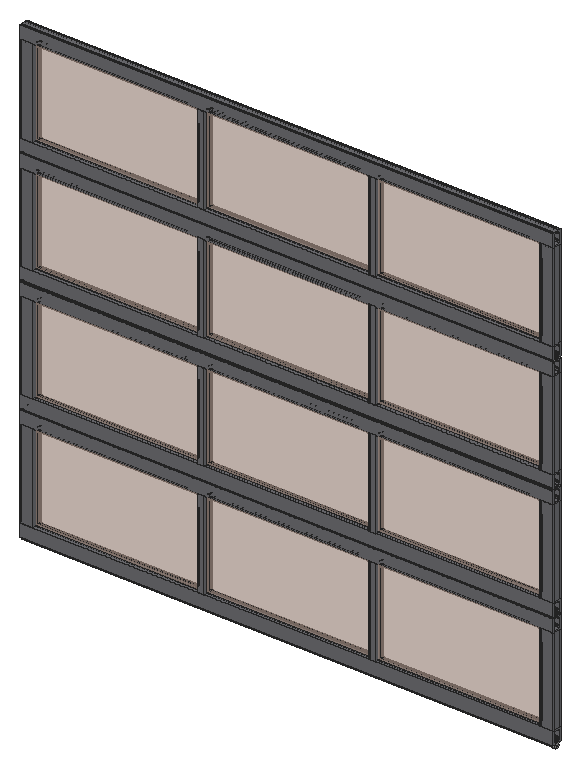
Revit family "GAS 12PUE CG", category Doors, host Wall, Revit 2024
Family settings
  Host = Wall
  OmniClass Number = 23.30.10.00
  OmniClass Title = Doors
  Always vertical = Yes
  Cut with Voids When Loaded = No
  Shared = No
  Room Calculation Point = No
Parameters
  Wall Opening [instance] = 2440 mm
  Function = Interior
  Frame Projection Ext. = 25 mm
  Frame Projection Int. = 25 mm
  Frame Width = 75 mm
  Height = 2135 mm
  Wall Closure = By host
  Width = 2440 mm
Reference planes
  plane 1: y = 0
  plane 2 "Center (Left/Right)": x = 0
  plane 3 "Left": x = -1220
  plane 4 "Right": x = 1220
  plane 5: z = 2135
  plane 6 "Exterior": y = 75
  plane 7 "Interior": y = -75
  plane 8 "Garage Bottom": y = 75
  plane 9 "Garage Left": x = 1250
  plane 10 "Garage Right": x = -1250
  plane 11 "Garage Top": z = 2170
  plane 12: y = -115
Forms (mm)
  Extrusion 1, solid, material "ALUMINIUM CHAR (TEST)"
    sketch origin (0, -40.1, 2189.909) x (0, -1, 0) y (0, 0, -1)
      loop
        line (75, 2170) -> (75, 2110) -> (85, 2110) -> (85, 2110.993) -> (83.5, 2111.395) -> (83.5, 2112.6) -> (101.75, 2112.6) -> (101.75, 2111.307) -> (99, 2111.066) -> (99, 2110) -> (119, 2110) -> (119, 2170) -> (115.1, 2170) -> (115.1, 2168.2) -> (117.2, 2168.2) -> (117.2, 2166.2) -> (109.1, 2166.2) -> (109.1, 2168.2) -> (111.1, 2168.2) -> (111.1, 2170) -> (82.9, 2170) -> (82.9, 2168.2) -> (84.9, 2168.2) -> (84.9, 2166.2) -> (76.8, 2166.2) -> (76.8, 2168.2) -> (78.9, 2168.2) -> (78.9, 2170) -> (75, 2170)
      loop
        line (117.25, 2157.453) -> (117.25, 2164.6) -> (107.3, 2164.6) -> (107.3, 2168.2) -> (86.7, 2168.2) -> (86.7, 2164.6) -> (76.75, 2164.6) -> (76.75, 2157.453) -> (77.3, 2156.5) -> (77.3, 2153.5) -> (76.75, 2152.547) -> (76.75, 2127.253) -> (77.3, 2126.3) -> (77.3, 2123.3) -> (76.75, 2122.347) -> (76.75, 2111.8) -> (81.7, 2111.8) -> (81.7, 2114.4) -> (103.55, 2114.4) -> (103.55, 2111.8) -> (117.25, 2111.8) -> (117.25, 2122.347) -> (116.7, 2123.3) -> (116.7, 2126.3) -> (117.25, 2127.253) -> (117.25, 2152.547) -> (116.7, 2153.5) -> (116.7, 2156.5) -> (117.25, 2157.453)
      loop
        line (75, 19.909) -> (78.9, 19.909) -> (78.9, 21.709) -> (76.8, 21.709) -> (76.8, 23.709) -> (84.9, 23.709) -> (84.9, 21.709) -> (82.9, 21.709) -> (82.9, 19.909) -> (111.1, 19.909) -> (111.1, 21.709) -> (109.1, 21.709) -> (109.1, 23.709) -> (117.2, 23.709) -> (117.2, 21.709) -> (115.1, 21.709) -> (115.1, 19.909) -> (119, 19.909) -> (119, 79.909) -> (99, 79.909) -> (99, 78.843) -> (101.75, 78.602) -> (101.75, 77.309) -> (83.5, 77.309) -> (83.5, 78.514) -> (85, 78.916) -> (85, 79.909) -> (75, 79.909) -> (75, 19.909)
      loop
        line (117.25, 32.456) -> (116.7, 33.409) -> (116.7, 36.409) -> (117.25, 37.361) -> (117.25, 62.656) -> (116.7, 63.609) -> (116.7, 66.609) -> (117.25, 67.561) -> (117.25, 78.109) -> (103.55, 78.109) -> (103.55, 75.509) -> (81.7, 75.509) -> (81.7, 78.109) -> (76.75, 78.109) -> (76.75, 67.561) -> (77.3, 66.609) -> (77.3, 63.609) -> (76.75, 62.656) -> (76.75, 37.361) -> (77.3, 36.409) -> (77.3, 33.409) -> (76.75, 32.456) -> (76.75, 25.309) -> (86.7, 25.309) -> (86.7, 21.709) -> (107.3, 21.709) -> (107.3, 25.309) -> (117.25, 25.309) -> (117.25, 32.456)
    from -1250 to 1250
  Extrusion 2, solid, material "ALUMINIUM CHAR (TEST)"
    sketch origin (0, -40.1, 3811.454) x (0, -1, 0) y (0, 0, -1)
      loop
        line (75, 3258.454) -> (78.9, 3258.454) -> (78.9, 3260.254) -> (76.8, 3260.254) -> (76.8, 3262.254) -> (84.9, 3262.254) -> (84.9, 3260.254) -> (82.9, 3260.254) -> (82.9, 3258.454) -> (111.1, 3258.454) -> (111.1, 3260.254) -> (109.1, 3260.254) -> (109.1, 3262.254) -> (117.2, 3262.254) -> (117.2, 3260.254) -> (115.1, 3260.254) -> (115.1, 3258.454) -> (119, 3258.454) -> (119, 3318.454) -> (99, 3318.454) -> (99, 3317.388) -> (101.75, 3317.148) -> (101.75, 3315.854) -> (83.5, 3315.854) -> (83.5, 3317.06) -> (85, 3317.461) -> (85, 3318.454) -> (75, 3318.454) -> (75, 3258.454)
      loop
        line (117.25, 3271.002) -> (116.7, 3271.954) -> (116.7, 3274.954) -> (117.25, 3275.907) -> (117.25, 3301.202) -> (116.7, 3302.154) -> (116.7, 3305.154) -> (117.25, 3306.107) -> (117.25, 3316.654) -> (103.55, 3316.654) -> (103.55, 3314.054) -> (81.7, 3314.054) -> (81.7, 3316.654) -> (76.75, 3316.654) -> (76.75, 3306.107) -> (77.3, 3305.154) -> (77.3, 3302.154) -> (76.75, 3301.202) -> (76.75, 3275.907) -> (77.3, 3274.954) -> (77.3, 3271.954) -> (76.75, 3271.002) -> (76.75, 3263.854) -> (86.7, 3263.854) -> (86.7, 3260.254) -> (107.3, 3260.254) -> (107.3, 3263.854) -> (117.25, 3263.854) -> (117.25, 3271.002)
      loop
        line (75, 3252.454) -> (75, 3192.454) -> (85, 3192.454) -> (85, 3193.447) -> (83.5, 3193.849) -> (83.5, 3195.054) -> (101.75, 3195.054) -> (101.75, 3193.761) -> (99, 3193.52) -> (99, 3192.454) -> (119, 3192.454) -> (119, 3252.454) -> (115.1, 3252.454) -> (115.1, 3250.654) -> (117.2, 3250.654) -> (117.2, 3248.654) -> (109.1, 3248.654) -> (109.1, 3250.654) -> (111.1, 3250.654) -> (111.1, 3252.454) -> (82.9, 3252.454) -> (82.9, 3250.654) -> (84.9, 3250.654) -> (84.9, 3248.654) -> (76.8, 3248.654) -> (76.8, 3250.654) -> (78.9, 3250.654) -> (78.9, 3252.454) -> (75, 3252.454)
      loop
        line (117.25, 3239.907) -> (117.25, 3247.054) -> (107.3, 3247.054) -> (107.3, 3250.654) -> (86.7, 3250.654) -> (86.7, 3247.054) -> (76.75, 3247.054) -> (76.75, 3239.907) -> (77.3, 3238.954) -> (77.3, 3235.954) -> (76.75, 3235.002) -> (76.75, 3209.707) -> (77.3, 3208.754) -> (77.3, 3205.754) -> (76.75, 3204.802) -> (76.75, 3194.254) -> (81.7, 3194.254) -> (81.7, 3196.854) -> (103.55, 3196.854) -> (103.55, 3194.254) -> (117.25, 3194.254) -> (117.25, 3204.802) -> (116.7, 3205.754) -> (116.7, 3208.754) -> (117.25, 3209.707) -> (117.25, 3235.002) -> (116.7, 3235.954) -> (116.7, 3238.954) -> (117.25, 3239.907)
      loop
        line (75, 2719.454) -> (78.9, 2719.454) -> (78.9, 2721.254) -> (76.8, 2721.254) -> (76.8, 2723.254) -> (84.9, 2723.254) -> (84.9, 2721.254) -> (82.9, 2721.254) -> (82.9, 2719.454) -> (111.1, 2719.454) -> (111.1, 2721.254) -> (109.1, 2721.254) -> (109.1, 2723.254) -> (117.2, 2723.254) -> (117.2, 2721.254) -> (115.1, 2721.254) -> (115.1, 2719.454) -> (119, 2719.454) -> (119, 2779.454) -> (99, 2779.454) -> (99, 2778.388) -> (101.75, 2778.148) -> (101.75, 2776.854) -> (83.5, 2776.854) -> (83.5, 2778.06) -> (85, 2778.461) -> (85, 2779.454) -> (75, 2779.454) -> (75, 2719.454)
      loop
        line (117.25, 2732.002) -> (116.7, 2732.954) -> (116.7, 2735.954) -> (117.25, 2736.907) -> (117.25, 2762.202) -> (116.7, 2763.154) -> (116.7, 2766.154) -> (117.25, 2767.107) -> (117.25, 2777.654) -> (103.55, 2777.654) -> (103.55, 2775.054) -> (81.7, 2775.054) -> (81.7, 2777.654) -> (76.75, 2777.654) -> (76.75, 2767.107) -> (77.3, 2766.154) -> (77.3, 2763.154) -> (76.75, 2762.202) -> (76.75, 2736.907) -> (77.3, 2735.954) -> (77.3, 2732.954) -> (76.75, 2732.002) -> (76.75, 2724.854) -> (86.7, 2724.854) -> (86.7, 2721.254) -> (107.3, 2721.254) -> (107.3, 2724.854) -> (117.25, 2724.854) -> (117.25, 2732.002)
      loop
        line (75, 2713.454) -> (75, 2653.454) -> (85, 2653.454) -> (85, 2654.447) -> (83.5, 2654.849) -> (83.5, 2656.054) -> (101.75, 2656.054) -> (101.75, 2654.761) -> (99, 2654.52) -> (99, 2653.454) -> (119, 2653.454) -> (119, 2713.454) -> (115.1, 2713.454) -> (115.1, 2711.654) -> (117.2, 2711.654) -> (117.2, 2709.654) -> (109.1, 2709.654) -> (109.1, 2711.654) -> (111.1, 2711.654) -> (111.1, 2713.454) -> (82.9, 2713.454) -> (82.9, 2711.654) -> (84.9, 2711.654) -> (84.9, 2709.654) -> (76.8, 2709.654) -> (76.8, 2711.654) -> (78.9, 2711.654) -> (78.9, 2713.454) -> (75, 2713.454)
      loop
        line (117.25, 2700.907) -> (117.25, 2708.054) -> (107.3, 2708.054) -> (107.3, 2711.654) -> (86.7, 2711.654) -> (86.7, 2708.054) -> (76.75, 2708.054) -> (76.75, 2700.907) -> (77.3, 2699.954) -> (77.3, 2696.954) -> (76.75, 2696.002) -> (76.75, 2670.707) -> (77.3, 2669.754) -> (77.3, 2666.754) -> (76.75, 2665.802) -> (76.75, 2655.254) -> (81.7, 2655.254) -> (81.7, 2657.854) -> (103.55, 2657.854) -> (103.55, 2655.254) -> (117.25, 2655.254) -> (117.25, 2665.802) -> (116.7, 2666.754) -> (116.7, 2669.754) -> (117.25, 2670.707) -> (117.25, 2696.002) -> (116.7, 2696.954) -> (116.7, 2699.954) -> (117.25, 2700.907)
      loop
        line (75, 2180.454) -> (78.9, 2180.454) -> (78.9, 2182.254) -> (76.8, 2182.254) -> (76.8, 2184.254) -> (84.9, 2184.254) -> (84.9, 2182.254) -> (82.9, 2182.254) -> (82.9, 2180.454) -> (111.1, 2180.454) -> (111.1, 2182.254) -> (109.1, 2182.254) -> (109.1, 2184.254) -> (117.2, 2184.254) -> (117.2, 2182.254) -> (115.1, 2182.254) -> (115.1, 2180.454) -> (119, 2180.454) -> (119, 2240.454) -> (99, 2240.454) -> (99, 2239.388) -> (101.75, 2239.148) -> (101.75, 2237.854) -> (83.5, 2237.854) -> (83.5, 2239.06) -> (85, 2239.461) -> (85, 2240.454) -> (75, 2240.454) -> (75, 2180.454)
      loop
        line (117.25, 2193.002) -> (116.7, 2193.954) -> (116.7, 2196.954) -> (117.25, 2197.907) -> (117.25, 2223.202) -> (116.7, 2224.154) -> (116.7, 2227.154) -> (117.25, 2228.107) -> (117.25, 2238.654) -> (103.55, 2238.654) -> (103.55, 2236.054) -> (81.7, 2236.054) -> (81.7, 2238.654) -> (76.75, 2238.654) -> (76.75, 2228.107) -> (77.3, 2227.154) -> (77.3, 2224.154) -> (76.75, 2223.202) -> (76.75, 2197.907) -> (77.3, 2196.954) -> (77.3, 2193.954) -> (76.75, 2193.002) -> (76.75, 2185.854) -> (86.7, 2185.854) -> (86.7, 2182.254) -> (107.3, 2182.254) -> (107.3, 2185.854) -> (117.25, 2185.854) -> (117.25, 2193.002)
      loop
        line (75, 2174.454) -> (75, 2114.454) -> (85, 2114.454) -> (85, 2115.447) -> (83.5, 2115.849) -> (83.5, 2117.054) -> (101.75, 2117.054) -> (101.75, 2115.761) -> (99, 2115.52) -> (99, 2114.454) -> (119, 2114.454) -> (119, 2174.454) -> (115.1, 2174.454) -> (115.1, 2172.654) -> (117.2, 2172.654) -> (117.2, 2170.654) -> (109.1, 2170.654) -> (109.1, 2172.654) -> (111.1, 2172.654) -> (111.1, 2174.454) -> (82.9, 2174.454) -> (82.9, 2172.654) -> (84.9, 2172.654) -> (84.9, 2170.654) -> (76.8, 2170.654) -> (76.8, 2172.654) -> (78.9, 2172.654) -> (78.9, 2174.454) -> (75, 2174.454)
      loop
        line (117.25, 2161.907) -> (117.25, 2169.054) -> (107.3, 2169.054) -> (107.3, 2172.654) -> (86.7, 2172.654) -> (86.7, 2169.054) -> (76.75, 2169.054) -> (76.75, 2161.907) -> (77.3, 2160.954) -> (77.3, 2157.954) -> (76.75, 2157.002) -> (76.75, 2131.707) -> (77.3, 2130.754) -> (77.3, 2127.754) -> (76.75, 2126.802) -> (76.75, 2116.254) -> (81.7, 2116.254) -> (81.7, 2118.854) -> (103.55, 2118.854) -> (103.55, 2116.254) -> (117.25, 2116.254) -> (117.25, 2126.802) -> (116.7, 2127.754) -> (116.7, 2130.754) -> (117.25, 2131.707) -> (117.25, 2157.002) -> (116.7, 2157.954) -> (116.7, 2160.954) -> (117.25, 2161.907)
    from -1250 to 1250
  Extrusion 3, solid, material "Rubber, Natural"
    sketch origin (0, -36.1, 0) x (0, 1, 0) y (0, 0, 1)
      loop
        line (-111, 19.909) -> (-111, 16.909) -> (-106, 16.909) -> (-106, 14.004)
        spline (-106, 14.004) -> (-109.192, 11.809) -> (-110.848, 8.808) -> (-110.659, 5.562) -> (-108.66, 2.681) -> (-105.226, 0.703) -> (-101, 0) -> (-96.774, 0.703) -> (-93.34, 2.681) -> (-91.341, 5.562) -> (-91.152, 8.808) -> (-92.808, 11.809) -> (-96, 14.004)
        line (-96, 14.004) -> (-96, 16.909) -> (-91, 16.909) -> (-91, 19.909) -> (-111, 19.909)
      loop
        line (-98, 16.909) -> (-104, 16.909) -> (-104, 14.633)
        arc (-104, 14.633) -> (-101, 15.009) -> (-98, 14.633) r 12.129
        line (-98, 14.633) -> (-98, 16.909)
      loop
        spline (-101, 1.513) -> (-98.929, 1.717) -> (-97, 2.316) -> (-95.343, 3.268) -> (-94.072, 4.509) -> (-93.273, 5.954) -> (-93, 7.505) -> (-93.273, 9.055) -> (-94.072, 10.501) -> (-95.343, 11.742) -> (-97, 12.694) -> (-98.929, 13.292) -> (-101, 13.496)
        spline (-101, 13.496) -> (-103.071, 13.292) -> (-105, 12.694) -> (-106.657, 11.742) -> (-107.928, 10.501) -> (-108.727, 9.055) -> (-109, 7.505) -> (-108.727, 5.954) -> (-107.928, 4.509) -> (-106.657, 3.268) -> (-105, 2.316) -> (-103.071, 1.717) -> (-101, 1.513)
    from -1250 to 1250
  Extrusion 4, solid, material "Rubber, Natural"
    sketch origin (0, -19.95, 1625.346) x (0, 1, 0) y (0, 0, 1)
      loop
        line (-104, 14.808) -> (-104, 13.808) -> (-101.5, 13.808) -> (-101.5, 11.781)
        spline (-101.5, 11.781) -> (-102.841, 11.479) -> (-103.739, 10.888) -> (-103.978, 10.15) -> (-103.501, 9.444) -> (-102.421, 8.938) -> (-101, 8.754) -> (-99.579, 8.938) -> (-98.499, 9.444) -> (-98.022, 10.15) -> (-98.261, 10.888) -> (-99.159, 11.479) -> (-100.5, 11.781)
        line (-100.5, 11.781) -> (-100.5, 13.808) -> (-98, 13.808) -> (-98, 14.808) -> (-104, 14.808)
      loop
        line (-136.3, 14.808) -> (-136.3, 13.808) -> (-133.8, 13.808) -> (-133.8, 11.781)
        spline (-133.8, 11.781) -> (-135.141, 11.479) -> (-136.039, 10.888) -> (-136.278, 10.15) -> (-135.801, 9.444) -> (-134.721, 8.938) -> (-133.3, 8.754) -> (-131.879, 8.938) -> (-130.799, 9.444) -> (-130.322, 10.15) -> (-130.561, 10.888) -> (-131.459, 11.479) -> (-132.8, 11.781)
        line (-132.8, 11.781) -> (-132.8, 13.808) -> (-130.3, 13.808) -> (-130.3, 14.808) -> (-136.3, 14.808)
      loop
        line (-104, 2.501) -> (-98, 2.501) -> (-98, 3.501) -> (-100.5, 3.501) -> (-100.5, 5.528)
        spline (-100.5, 5.528) -> (-99.159, 5.83) -> (-98.261, 6.421) -> (-98.022, 7.158) -> (-98.499, 7.865) -> (-99.579, 8.371) -> (-101, 8.554) -> (-102.421, 8.371) -> (-103.501, 7.865) -> (-103.978, 7.158) -> (-103.739, 6.421) -> (-102.841, 5.83) -> (-101.5, 5.528)
        line (-101.5, 5.528) -> (-101.5, 3.501) -> (-104, 3.501) -> (-104, 2.501)
      loop
        line (-136.3, 2.501) -> (-130.3, 2.501) -> (-130.3, 3.501) -> (-132.8, 3.501) -> (-132.8, 5.528)
        spline (-132.8, 5.528) -> (-131.459, 5.83) -> (-130.561, 6.421) -> (-130.322, 7.158) -> (-130.799, 7.865) -> (-131.879, 8.371) -> (-133.3, 8.554) -> (-134.721, 8.371) -> (-135.801, 7.865) -> (-136.278, 7.158) -> (-136.039, 6.421) -> (-135.141, 5.83) -> (-133.8, 5.528)
        line (-133.8, 5.528) -> (-133.8, 3.501) -> (-136.3, 3.501) -> (-136.3, 2.501)
      loop
        line (-104, -524.192) -> (-104, -525.192) -> (-101.5, -525.192) -> (-101.5, -527.219)
        spline (-101.5, -527.219) -> (-102.841, -527.521) -> (-103.739, -528.112) -> (-103.978, -528.85) -> (-103.501, -529.556) -> (-102.421, -530.062) -> (-101, -530.246) -> (-99.579, -530.062) -> (-98.499, -529.556) -> (-98.022, -528.85) -> (-98.261, -528.112) -> (-99.159, -527.521) -> (-100.5, -527.219)
        line (-100.5, -527.219) -> (-100.5, -525.192) -> (-98, -525.192) -> (-98, -524.192) -> (-104, -524.192)
      loop
        line (-136.3, -524.192) -> (-136.3, -525.192) -> (-133.8, -525.192) -> (-133.8, -527.219)
        spline (-133.8, -527.219) -> (-135.141, -527.521) -> (-136.039, -528.112) -> (-136.278, -528.85) -> (-135.801, -529.556) -> (-134.721, -530.062) -> (-133.3, -530.246) -> (-131.879, -530.062) -> (-130.799, -529.556) -> (-130.322, -528.85) -> (-130.561, -528.112) -> (-131.459, -527.521) -> (-132.8, -527.219)
        line (-132.8, -527.219) -> (-132.8, -525.192) -> (-130.3, -525.192) -> (-130.3, -524.192) -> (-136.3, -524.192)
      loop
        line (-104, -536.499) -> (-98, -536.499) -> (-98, -535.499) -> (-100.5, -535.499) -> (-100.5, -533.472)
        spline (-100.5, -533.472) -> (-99.159, -533.17) -> (-98.261, -532.579) -> (-98.022, -531.842) -> (-98.499, -531.135) -> (-99.579, -530.629) -> (-101, -530.446) -> (-102.421, -530.629) -> (-103.501, -531.135) -> (-103.978, -531.842) -> (-103.739, -532.579) -> (-102.841, -533.17) -> (-101.5, -533.472)
        line (-101.5, -533.472) -> (-101.5, -535.499) -> (-104, -535.499) -> (-104, -536.499)
      loop
        line (-136.3, -536.499) -> (-130.3, -536.499) -> (-130.3, -535.499) -> (-132.8, -535.499) -> (-132.8, -533.472)
        spline (-132.8, -533.472) -> (-131.459, -533.17) -> (-130.561, -532.579) -> (-130.322, -531.842) -> (-130.799, -531.135) -> (-131.879, -530.629) -> (-133.3, -530.446) -> (-134.721, -530.629) -> (-135.801, -531.135) -> (-136.278, -531.842) -> (-136.039, -532.579) -> (-135.141, -533.17) -> (-133.8, -533.472)
        line (-133.8, -533.472) -> (-133.8, -535.499) -> (-136.3, -535.499) -> (-136.3, -536.499)
      loop
        line (-104, -1063.192) -> (-104, -1064.192) -> (-101.5, -1064.192) -> (-101.5, -1066.219)
        spline (-101.5, -1066.219) -> (-102.841, -1066.521) -> (-103.739, -1067.112) -> (-103.978, -1067.85) -> (-103.501, -1068.556) -> (-102.421, -1069.062) -> (-101, -1069.246) -> (-99.579, -1069.062) -> (-98.499, -1068.556) -> (-98.022, -1067.85) -> (-98.261, -1067.112) -> (-99.159, -1066.521) -> (-100.5, -1066.219)
        line (-100.5, -1066.219) -> (-100.5, -1064.192) -> (-98, -1064.192) -> (-98, -1063.192) -> (-104, -1063.192)
      loop
        line (-136.3, -1063.192) -> (-136.3, -1064.192) -> (-133.8, -1064.192) -> (-133.8, -1066.219)
        spline (-133.8, -1066.219) -> (-135.141, -1066.521) -> (-136.039, -1067.112) -> (-136.278, -1067.85) -> (-135.801, -1068.556) -> (-134.721, -1069.062) -> (-133.3, -1069.246) -> (-131.879, -1069.062) -> (-130.799, -1068.556) -> (-130.322, -1067.85) -> (-130.561, -1067.112) -> (-131.459, -1066.521) -> (-132.8, -1066.219)
        line (-132.8, -1066.219) -> (-132.8, -1064.192) -> (-130.3, -1064.192) -> (-130.3, -1063.192) -> (-136.3, -1063.192)
      loop
        line (-104, -1075.499) -> (-98, -1075.499) -> (-98, -1074.499) -> (-100.5, -1074.499) -> (-100.5, -1072.472)
        spline (-100.5, -1072.472) -> (-99.159, -1072.17) -> (-98.261, -1071.579) -> (-98.022, -1070.842) -> (-98.499, -1070.135) -> (-99.579, -1069.629) -> (-101, -1069.446) -> (-102.421, -1069.629) -> (-103.501, -1070.135) -> (-103.978, -1070.842) -> (-103.739, -1071.579) -> (-102.841, -1072.17) -> (-101.5, -1072.472)
        line (-101.5, -1072.472) -> (-101.5, -1074.499) -> (-104, -1074.499) -> (-104, -1075.499)
      loop
        line (-136.3, -1075.499) -> (-130.3, -1075.499) -> (-130.3, -1074.499) -> (-132.8, -1074.499) -> (-132.8, -1072.472)
        spline (-132.8, -1072.472) -> (-131.459, -1072.17) -> (-130.561, -1071.579) -> (-130.322, -1070.842) -> (-130.799, -1070.135) -> (-131.879, -1069.629) -> (-133.3, -1069.446) -> (-134.721, -1069.629) -> (-135.801, -1070.135) -> (-136.278, -1070.842) -> (-136.039, -1071.579) -> (-135.141, -1072.17) -> (-133.8, -1072.472)
        line (-133.8, -1072.472) -> (-133.8, -1074.499) -> (-136.3, -1074.499) -> (-136.3, -1075.499)
    from -1250 to 1250
  Extrusion 5, solid, material "ALUMINIUM CHAR (TEST)"
    sketch origin (2744.172, 259.9, 1153.454) x (1, 0, 0) y (0, 1, 0)
      loop
        line (-3934.172, -375) -> (-3994.172, -375) -> (-3994.172, -378.9) -> (-3992.372, -378.9) -> (-3992.372, -376.8) -> (-3990.372, -376.8) -> (-3990.372, -384.9) -> (-3992.372, -384.9) -> (-3992.372, -382.9) -> (-3994.172, -382.9) -> (-3994.172, -411.1) -> (-3992.372, -411.1) -> (-3992.372, -409.1) -> (-3990.372, -409.1) -> (-3990.372, -417.2) -> (-3992.372, -417.2) -> (-3992.372, -415.1) -> (-3994.172, -415.1) -> (-3994.172, -419) -> (-3934.172, -419) -> (-3934.172, -399) -> (-3935.238, -399) -> (-3935.479, -401.75) -> (-3936.772, -401.75) -> (-3936.772, -383.5) -> (-3935.567, -383.5) -> (-3935.165, -385) -> (-3934.172, -385) -> (-3934.172, -375)
      loop
        line (-3988.772, -376.75) -> (-3988.772, -386.7) -> (-3992.372, -386.7) -> (-3992.372, -407.3) -> (-3988.772, -407.3) -> (-3988.772, -417.25) -> (-3981.625, -417.25) -> (-3980.672, -416.7) -> (-3977.672, -416.7) -> (-3976.72, -417.25) -> (-3951.425, -417.25) -> (-3950.472, -416.7) -> (-3947.472, -416.7) -> (-3946.52, -417.25) -> (-3935.972, -417.25) -> (-3935.972, -403.55) -> (-3938.572, -403.55) -> (-3938.572, -381.7) -> (-3935.972, -381.7) -> (-3935.972, -376.75) -> (-3946.52, -376.75) -> (-3947.472, -377.3) -> (-3950.472, -377.3) -> (-3951.425, -376.75) -> (-3976.72, -376.75) -> (-3977.672, -377.3) -> (-3980.672, -377.3) -> (-3981.625, -376.75) -> (-3988.772, -376.75)
      loop
        line (-1554.172, -375) -> (-1554.172, -385) -> (-1553.179, -385) -> (-1552.777, -383.5) -> (-1551.572, -383.5) -> (-1551.572, -401.75) -> (-1552.866, -401.75) -> (-1553.106, -399) -> (-1554.172, -399) -> (-1554.172, -419) -> (-1494.172, -419) -> (-1494.172, -415.1) -> (-1495.972, -415.1) -> (-1495.972, -417.2) -> (-1497.972, -417.2) -> (-1497.972, -409.1) -> (-1495.972, -409.1) -> (-1495.972, -411.1) -> (-1494.172, -411.1) -> (-1494.172, -382.9) -> (-1495.972, -382.9) -> (-1495.972, -384.9) -> (-1497.972, -384.9) -> (-1497.972, -376.8) -> (-1495.972, -376.8) -> (-1495.972, -378.9) -> (-1494.172, -378.9) -> (-1494.172, -375) -> (-1554.172, -375)
      loop
        line (-1507.672, -377.3) -> (-1510.672, -377.3) -> (-1511.625, -376.75) -> (-1536.92, -376.75) -> (-1537.872, -377.3) -> (-1540.872, -377.3) -> (-1541.825, -376.75) -> (-1552.372, -376.75) -> (-1552.372, -381.7) -> (-1549.772, -381.7) -> (-1549.772, -403.55) -> (-1552.372, -403.55) -> (-1552.372, -417.25) -> (-1541.825, -417.25) -> (-1540.872, -416.7) -> (-1537.872, -416.7) -> (-1536.92, -417.25) -> (-1511.625, -417.25) -> (-1510.672, -416.7) -> (-1507.672, -416.7) -> (-1506.72, -417.25) -> (-1499.572, -417.25) -> (-1499.572, -407.3) -> (-1495.972, -407.3) -> (-1495.972, -386.7) -> (-1499.572, -386.7) -> (-1499.572, -376.75) -> (-1506.72, -376.75) -> (-1507.672, -377.3)
      loop
        line (-3160.872, -385) -> (-3159.879, -385) -> (-3159.477, -383.5) -> (-3158.272, -383.5) -> (-3158.272, -401.75) -> (-3159.566, -401.75) -> (-3159.806, -399) -> (-3160.872, -399) -> (-3160.872, -419) -> (-3130.872, -419) -> (-3130.872, -399) -> (-3131.938, -399) -> (-3132.179, -401.75) -> (-3133.472, -401.75) -> (-3133.472, -383.5) -> (-3132.267, -383.5) -> (-3131.865, -385) -> (-3130.872, -385) -> (-3130.872, -375) -> (-3160.872, -375) -> (-3160.872, -385)
      loop
        line (-3159.072, -376.75) -> (-3159.072, -381.7) -> (-3156.472, -381.7) -> (-3156.472, -403.55) -> (-3159.072, -403.55) -> (-3159.072, -417.25) -> (-3132.672, -417.25) -> (-3132.672, -403.55) -> (-3135.272, -403.55) -> (-3135.272, -381.7) -> (-3132.672, -381.7) -> (-3132.672, -376.75) -> (-3159.072, -376.75)
      loop
        line (-2327.472, -385) -> (-2327.472, -375) -> (-2357.472, -375) -> (-2357.472, -385) -> (-2356.479, -385) -> (-2356.077, -383.5) -> (-2354.872, -383.5) -> (-2354.872, -401.75) -> (-2356.166, -401.75) -> (-2356.406, -399) -> (-2357.472, -399) -> (-2357.472, -419) -> (-2327.472, -419) -> (-2327.472, -399) -> (-2328.538, -399) -> (-2328.779, -401.75) -> (-2330.072, -401.75) -> (-2330.072, -383.5) -> (-2328.867, -383.5) -> (-2328.465, -385) -> (-2327.472, -385)
      loop
        line (-2329.272, -376.75) -> (-2355.672, -376.75) -> (-2355.672, -381.7) -> (-2353.072, -381.7) -> (-2353.072, -403.55) -> (-2355.672, -403.55) -> (-2355.672, -417.25) -> (-2329.272, -417.25) -> (-2329.272, -403.55) -> (-2331.872, -403.55) -> (-2331.872, -381.7) -> (-2329.272, -381.7) -> (-2329.272, -376.75)
    from 4.546 to 417.546
  Extrusion 6, solid, material "ALUMINIUM CHAR (TEST)"
    sketch origin (2744.172, 259.9, 612.954) x (1, 0, 0) y (0, 1, 0)
      loop
        line (-3934.172, -375) -> (-3994.172, -375) -> (-3994.172, -378.9) -> (-3992.372, -378.9) -> (-3992.372, -376.8) -> (-3990.372, -376.8) -> (-3990.372, -384.9) -> (-3992.372, -384.9) -> (-3992.372, -382.9) -> (-3994.172, -382.9) -> (-3994.172, -411.1) -> (-3992.372, -411.1) -> (-3992.372, -409.1) -> (-3990.372, -409.1) -> (-3990.372, -417.2) -> (-3992.372, -417.2) -> (-3992.372, -415.1) -> (-3994.172, -415.1) -> (-3994.172, -419) -> (-3934.172, -419) -> (-3934.172, -399) -> (-3935.238, -399) -> (-3935.479, -401.75) -> (-3936.772, -401.75) -> (-3936.772, -383.5) -> (-3935.567, -383.5) -> (-3935.165, -385) -> (-3934.172, -385) -> (-3934.172, -375)
      loop
        line (-3988.772, -376.75) -> (-3988.772, -386.7) -> (-3992.372, -386.7) -> (-3992.372, -407.3) -> (-3988.772, -407.3) -> (-3988.772, -417.25) -> (-3981.625, -417.25) -> (-3980.672, -416.7) -> (-3977.672, -416.7) -> (-3976.72, -417.25) -> (-3951.425, -417.25) -> (-3950.472, -416.7) -> (-3947.472, -416.7) -> (-3946.52, -417.25) -> (-3935.972, -417.25) -> (-3935.972, -403.55) -> (-3938.572, -403.55) -> (-3938.572, -381.7) -> (-3935.972, -381.7) -> (-3935.972, -376.75) -> (-3946.52, -376.75) -> (-3947.472, -377.3) -> (-3950.472, -377.3) -> (-3951.425, -376.75) -> (-3976.72, -376.75) -> (-3977.672, -377.3) -> (-3980.672, -377.3) -> (-3981.625, -376.75) -> (-3988.772, -376.75)
      loop
        line (-1554.172, -375) -> (-1554.172, -385) -> (-1553.179, -385) -> (-1552.777, -383.5) -> (-1551.572, -383.5) -> (-1551.572, -401.75) -> (-1552.866, -401.75) -> (-1553.106, -399) -> (-1554.172, -399) -> (-1554.172, -419) -> (-1494.172, -419) -> (-1494.172, -415.1) -> (-1495.972, -415.1) -> (-1495.972, -417.2) -> (-1497.972, -417.2) -> (-1497.972, -409.1) -> (-1495.972, -409.1) -> (-1495.972, -411.1) -> (-1494.172, -411.1) -> (-1494.172, -382.9) -> (-1495.972, -382.9) -> (-1495.972, -384.9) -> (-1497.972, -384.9) -> (-1497.972, -376.8) -> (-1495.972, -376.8) -> (-1495.972, -378.9) -> (-1494.172, -378.9) -> (-1494.172, -375) -> (-1554.172, -375)
      loop
        line (-1507.672, -377.3) -> (-1510.672, -377.3) -> (-1511.625, -376.75) -> (-1536.92, -376.75) -> (-1537.872, -377.3) -> (-1540.872, -377.3) -> (-1541.825, -376.75) -> (-1552.372, -376.75) -> (-1552.372, -381.7) -> (-1549.772, -381.7) -> (-1549.772, -403.55) -> (-1552.372, -403.55) -> (-1552.372, -417.25) -> (-1541.825, -417.25) -> (-1540.872, -416.7) -> (-1537.872, -416.7) -> (-1536.92, -417.25) -> (-1511.625, -417.25) -> (-1510.672, -416.7) -> (-1507.672, -416.7) -> (-1506.72, -417.25) -> (-1499.572, -417.25) -> (-1499.572, -407.3) -> (-1495.972, -407.3) -> (-1495.972, -386.7) -> (-1499.572, -386.7) -> (-1499.572, -376.75) -> (-1506.72, -376.75) -> (-1507.672, -377.3)
      loop
        line (-3130.872, -375) -> (-3160.872, -375) -> (-3160.872, -385) -> (-3159.879, -385) -> (-3159.477, -383.5) -> (-3158.272, -383.5) -> (-3158.272, -401.75) -> (-3159.566, -401.75) -> (-3159.806, -399) -> (-3160.872, -399) -> (-3160.872, -419) -> (-3130.872, -419) -> (-3130.872, -399) -> (-3131.938, -399) -> (-3132.179, -401.75) -> (-3133.472, -401.75) -> (-3133.472, -383.5) -> (-3132.267, -383.5) -> (-3131.865, -385) -> (-3130.872, -385) -> (-3130.872, -375)
      loop
        line (-3159.072, -376.75) -> (-3159.072, -381.7) -> (-3156.472, -381.7) -> (-3156.472, -403.55) -> (-3159.072, -403.55) -> (-3159.072, -417.25) -> (-3132.672, -417.25) -> (-3132.672, -403.55) -> (-3135.272, -403.55) -> (-3135.272, -381.7) -> (-3132.672, -381.7) -> (-3132.672, -376.75) -> (-3159.072, -376.75)
      loop
        line (-2357.472, -375) -> (-2357.472, -385) -> (-2356.479, -385) -> (-2356.077, -383.5) -> (-2354.872, -383.5) -> (-2354.872, -401.75) -> (-2356.166, -401.75) -> (-2356.406, -399) -> (-2357.472, -399) -> (-2357.472, -419) -> (-2327.472, -419) -> (-2327.472, -399) -> (-2328.538, -399) -> (-2328.779, -401.75) -> (-2330.072, -401.75) -> (-2330.072, -383.5) -> (-2328.867, -383.5) -> (-2328.465, -385) -> (-2327.472, -385) -> (-2327.472, -375) -> (-2357.472, -375)
      loop
        line (-2329.272, -376.75) -> (-2355.672, -376.75) -> (-2355.672, -381.7) -> (-2353.072, -381.7) -> (-2353.072, -403.55) -> (-2355.672, -403.55) -> (-2355.672, -417.25) -> (-2329.272, -417.25) -> (-2329.272, -403.55) -> (-2331.872, -403.55) -> (-2331.872, -381.7) -> (-2329.272, -381.7) -> (-2329.272, -376.75)
    from 6.046 to 419.046
  Extrusion 7, solid, material "ALUMINIUM CHAR (TEST)"
    sketch origin (2744.172, 259.9, 72.454) x (1, 0, 0) y (0, 1, 0)
      loop
        line (-3934.172, -375) -> (-3994.172, -375) -> (-3994.172, -378.9) -> (-3992.372, -378.9) -> (-3992.372, -376.8) -> (-3990.372, -376.8) -> (-3990.372, -384.9) -> (-3992.372, -384.9) -> (-3992.372, -382.9) -> (-3994.172, -382.9) -> (-3994.172, -411.1) -> (-3992.372, -411.1) -> (-3992.372, -409.1) -> (-3990.372, -409.1) -> (-3990.372, -417.2) -> (-3992.372, -417.2) -> (-3992.372, -415.1) -> (-3994.172, -415.1) -> (-3994.172, -419) -> (-3934.172, -419) -> (-3934.172, -399) -> (-3935.238, -399) -> (-3935.479, -401.75) -> (-3936.772, -401.75) -> (-3936.772, -383.5) -> (-3935.567, -383.5) -> (-3935.165, -385) -> (-3934.172, -385) -> (-3934.172, -375)
      loop
        line (-3988.772, -376.75) -> (-3988.772, -386.7) -> (-3992.372, -386.7) -> (-3992.372, -407.3) -> (-3988.772, -407.3) -> (-3988.772, -417.25) -> (-3981.625, -417.25) -> (-3980.672, -416.7) -> (-3977.672, -416.7) -> (-3976.72, -417.25) -> (-3951.425, -417.25) -> (-3950.472, -416.7) -> (-3947.472, -416.7) -> (-3946.52, -417.25) -> (-3935.972, -417.25) -> (-3935.972, -403.55) -> (-3938.572, -403.55) -> (-3938.572, -381.7) -> (-3935.972, -381.7) -> (-3935.972, -376.75) -> (-3946.52, -376.75) -> (-3947.472, -377.3) -> (-3950.472, -377.3) -> (-3951.425, -376.75) -> (-3976.72, -376.75) -> (-3977.672, -377.3) -> (-3980.672, -377.3) -> (-3981.625, -376.75) -> (-3988.772, -376.75)
      loop
        line (-1554.172, -375) -> (-1554.172, -385) -> (-1553.179, -385) -> (-1552.777, -383.5) -> (-1551.572, -383.5) -> (-1551.572, -401.75) -> (-1552.866, -401.75) -> (-1553.106, -399) -> (-1554.172, -399) -> (-1554.172, -419) -> (-1494.172, -419) -> (-1494.172, -415.1) -> (-1495.972, -415.1) -> (-1495.972, -417.2) -> (-1497.972, -417.2) -> (-1497.972, -409.1) -> (-1495.972, -409.1) -> (-1495.972, -411.1) -> (-1494.172, -411.1) -> (-1494.172, -382.9) -> (-1495.972, -382.9) -> (-1495.972, -384.9) -> (-1497.972, -384.9) -> (-1497.972, -376.8) -> (-1495.972, -376.8) -> (-1495.972, -378.9) -> (-1494.172, -378.9) -> (-1494.172, -375) -> (-1554.172, -375)
      loop
        line (-1507.672, -377.3) -> (-1510.672, -377.3) -> (-1511.625, -376.75) -> (-1536.92, -376.75) -> (-1537.872, -377.3) -> (-1540.872, -377.3) -> (-1541.825, -376.75) -> (-1552.372, -376.75) -> (-1552.372, -381.7) -> (-1549.772, -381.7) -> (-1549.772, -403.55) -> (-1552.372, -403.55) -> (-1552.372, -417.25) -> (-1541.825, -417.25) -> (-1540.872, -416.7) -> (-1537.872, -416.7) -> (-1536.92, -417.25) -> (-1511.625, -417.25) -> (-1510.672, -416.7) -> (-1507.672, -416.7) -> (-1506.72, -417.25) -> (-1499.572, -417.25) -> (-1499.572, -407.3) -> (-1495.972, -407.3) -> (-1495.972, -386.7) -> (-1499.572, -386.7) -> (-1499.572, -376.75) -> (-1506.72, -376.75) -> (-1507.672, -377.3)
      loop
        line (-3130.872, -375) -> (-3160.872, -375) -> (-3160.872, -385) -> (-3159.879, -385) -> (-3159.477, -383.5) -> (-3158.272, -383.5) -> (-3158.272, -401.75) -> (-3159.566, -401.75) -> (-3159.806, -399) -> (-3160.872, -399) -> (-3160.872, -419) -> (-3130.872, -419) -> (-3130.872, -399) -> (-3131.938, -399) -> (-3132.179, -401.75) -> (-3133.472, -401.75) -> (-3133.472, -383.5) -> (-3132.267, -383.5) -> (-3131.865, -385) -> (-3130.872, -385) -> (-3130.872, -375)
      loop
        line (-3159.072, -376.75) -> (-3159.072, -381.7) -> (-3156.472, -381.7) -> (-3156.472, -403.55) -> (-3159.072, -403.55) -> (-3159.072, -417.25) -> (-3132.672, -417.25) -> (-3132.672, -403.55) -> (-3135.272, -403.55) -> (-3135.272, -381.7) -> (-3132.672, -381.7) -> (-3132.672, -376.75) -> (-3159.072, -376.75)
      loop
        line (-2357.472, -375) -> (-2357.472, -385) -> (-2356.479, -385) -> (-2356.077, -383.5) -> (-2354.872, -383.5) -> (-2354.872, -401.75) -> (-2356.166, -401.75) -> (-2356.406, -399) -> (-2357.472, -399) -> (-2357.472, -419) -> (-2327.472, -419) -> (-2327.472, -399) -> (-2328.538, -399) -> (-2328.779, -401.75) -> (-2330.072, -401.75) -> (-2330.072, -383.5) -> (-2328.867, -383.5) -> (-2328.465, -385) -> (-2327.472, -385) -> (-2327.472, -375) -> (-2357.472, -375)
      loop
        line (-2329.272, -376.75) -> (-2355.672, -376.75) -> (-2355.672, -381.7) -> (-2353.072, -381.7) -> (-2353.072, -403.55) -> (-2355.672, -403.55) -> (-2355.672, -417.25) -> (-2329.272, -417.25) -> (-2329.272, -403.55) -> (-2331.872, -403.55) -> (-2331.872, -381.7) -> (-2329.272, -381.7) -> (-2329.272, -376.75)
    from 7.454 to 420.546
  Extrusion 8, solid, material "ALUMINIUM CHAR (TEST)"
    sketch origin (2744.172, 259.9, 1182.754) x (1, 0, 0) y (0, 1, 0)
      loop
        line (-3934.172, -375) -> (-3994.172, -375) -> (-3994.172, -378.9) -> (-3992.372, -378.9) -> (-3992.372, -376.8) -> (-3990.372, -376.8) -> (-3990.372, -384.9) -> (-3992.372, -384.9) -> (-3992.372, -382.9) -> (-3994.172, -382.9) -> (-3994.172, -411.1) -> (-3992.372, -411.1) -> (-3992.372, -409.1) -> (-3990.372, -409.1) -> (-3990.372, -417.2) -> (-3992.372, -417.2) -> (-3992.372, -415.1) -> (-3994.172, -415.1) -> (-3994.172, -419) -> (-3934.172, -419) -> (-3934.172, -399) -> (-3935.238, -399) -> (-3935.479, -401.75) -> (-3936.772, -401.75) -> (-3936.772, -383.5) -> (-3935.567, -383.5) -> (-3935.165, -385) -> (-3934.172, -385) -> (-3934.172, -375)
      loop
        line (-3988.772, -376.75) -> (-3988.772, -386.7) -> (-3992.372, -386.7) -> (-3992.372, -407.3) -> (-3988.772, -407.3) -> (-3988.772, -417.25) -> (-3981.625, -417.25) -> (-3980.672, -416.7) -> (-3977.672, -416.7) -> (-3976.72, -417.25) -> (-3951.425, -417.25) -> (-3950.472, -416.7) -> (-3947.472, -416.7) -> (-3946.52, -417.25) -> (-3935.972, -417.25) -> (-3935.972, -403.55) -> (-3938.572, -403.55) -> (-3938.572, -381.7) -> (-3935.972, -381.7) -> (-3935.972, -376.75) -> (-3946.52, -376.75) -> (-3947.472, -377.3) -> (-3950.472, -377.3) -> (-3951.425, -376.75) -> (-3976.72, -376.75) -> (-3977.672, -377.3) -> (-3980.672, -377.3) -> (-3981.625, -376.75) -> (-3988.772, -376.75)
      loop
        line (-1554.172, -375) -> (-1554.172, -385) -> (-1553.179, -385) -> (-1552.777, -383.5) -> (-1551.572, -383.5) -> (-1551.572, -401.75) -> (-1552.866, -401.75) -> (-1553.106, -399) -> (-1554.172, -399) -> (-1554.172, -419) -> (-1494.172, -419) -> (-1494.172, -415.1) -> (-1495.972, -415.1) -> (-1495.972, -417.2) -> (-1497.972, -417.2) -> (-1497.972, -409.1) -> (-1495.972, -409.1) -> (-1495.972, -411.1) -> (-1494.172, -411.1) -> (-1494.172, -382.9) -> (-1495.972, -382.9) -> (-1495.972, -384.9) -> (-1497.972, -384.9) -> (-1497.972, -376.8) -> (-1495.972, -376.8) -> (-1495.972, -378.9) -> (-1494.172, -378.9) -> (-1494.172, -375) -> (-1554.172, -375)
      loop
        line (-1507.672, -377.3) -> (-1510.672, -377.3) -> (-1511.625, -376.75) -> (-1536.92, -376.75) -> (-1537.872, -377.3) -> (-1540.872, -377.3) -> (-1541.825, -376.75) -> (-1552.372, -376.75) -> (-1552.372, -381.7) -> (-1549.772, -381.7) -> (-1549.772, -403.55) -> (-1552.372, -403.55) -> (-1552.372, -417.25) -> (-1541.825, -417.25) -> (-1540.872, -416.7) -> (-1537.872, -416.7) -> (-1536.92, -417.25) -> (-1511.625, -417.25) -> (-1510.672, -416.7) -> (-1507.672, -416.7) -> (-1506.72, -417.25) -> (-1499.572, -417.25) -> (-1499.572, -407.3) -> (-1495.972, -407.3) -> (-1495.972, -386.7) -> (-1499.572, -386.7) -> (-1499.572, -376.75) -> (-1506.72, -376.75) -> (-1507.672, -377.3)
      loop
        line (-3130.872, -375) -> (-3160.872, -375) -> (-3160.872, -385) -> (-3159.879, -385) -> (-3159.477, -383.5) -> (-3158.272, -383.5) -> (-3158.272, -401.75) -> (-3159.566, -401.75) -> (-3159.806, -399) -> (-3160.872, -399) -> (-3160.872, -419) -> (-3130.872, -419) -> (-3130.872, -399) -> (-3131.938, -399) -> (-3132.179, -401.75) -> (-3133.472, -401.75) -> (-3133.472, -383.5) -> (-3132.267, -383.5) -> (-3131.865, -385) -> (-3130.872, -385) -> (-3130.872, -375)
      loop
        line (-3159.072, -376.75) -> (-3159.072, -381.7) -> (-3156.472, -381.7) -> (-3156.472, -403.55) -> (-3159.072, -403.55) -> (-3159.072, -417.25) -> (-3132.672, -417.25) -> (-3132.672, -403.55) -> (-3135.272, -403.55) -> (-3135.272, -381.7) -> (-3132.672, -381.7) -> (-3132.672, -376.75) -> (-3159.072, -376.75)
      loop
        line (-2357.472, -375) -> (-2357.472, -385) -> (-2356.479, -385) -> (-2356.077, -383.5) -> (-2354.872, -383.5) -> (-2354.872, -401.75) -> (-2356.166, -401.75) -> (-2356.406, -399) -> (-2357.472, -399) -> (-2357.472, -419) -> (-2327.472, -419) -> (-2327.472, -399) -> (-2328.538, -399) -> (-2328.779, -401.75) -> (-2330.072, -401.75) -> (-2330.072, -383.5) -> (-2328.867, -383.5) -> (-2328.465, -385) -> (-2327.472, -385) -> (-2327.472, -375) -> (-2357.472, -375)
      loop
        line (-2329.272, -376.75) -> (-2355.672, -376.75) -> (-2355.672, -381.7) -> (-2353.072, -381.7) -> (-2353.072, -403.55) -> (-2355.672, -403.55) -> (-2355.672, -417.25) -> (-2329.272, -417.25) -> (-2329.272, -403.55) -> (-2331.872, -403.55) -> (-2331.872, -381.7) -> (-2329.272, -381.7) -> (-2329.272, -376.75)
    from 514.246 to 927.246
  Extrusion 9, solid, material "FROSTED BRONZE GLASS"
    sketch origin (-335.5, -147.287, 107.454) x (0, 1, 0) y (0, 0, -1)
      loop
        line (8.871, -2002.546) -> (8.871, -1589.546) -> (2.871, -1589.546) -> (2.871, -2002.546) -> (8.871, -2002.546)
    from 81.2 to 854.5
  Extrusion 10, solid, material "FROSTED BRONZE GLASS"
    sketch origin (335.5, -147.287, 107.454) x (0, 1, 0) y (0, 0, 1)
      loop
        line (8.871, 2002.546) -> (2.871, 2002.546) -> (2.871, 1589.546) -> (8.871, 1589.546) -> (8.871, 2002.546)
    from 81.2 to 854.5
  Sweep 11, solid, material "ALUMINIUM CHAR (TEST)"
    path origin (866.885, -68.525, 1749.939) x (1, 0, 0) y (0, 0, 1)
      loop
        line (323.108, 360.061) -> (-450.185, 360.061) -> (-450.185, -53.031) -> (323.108, -53.031) -> (323.108, 360.061)
    profile origin (803.346, -68.525, 2110) x (0, 0, -1) y (0, -1, 0)
      loop
        line (14.998, 68.891) -> (14.998, 69.891) -> (13.799, 69.891) -> (13.799, 69.054) -> (12.991, 69.054) -> (12.154, 69.891) -> (11.286, 69.891)
        arc (11.286, 69.891) -> (10.902, 69.429) -> (11.399, 69.091) r 0.406
        line (11.399, 69.091) -> (12.521, 67.969) -> (10.199, 65.647) -> (7.999, 67.847) -> (8.299, 69.091)
        arc (8.299, 69.091) -> (8.699, 69.491) -> (8.299, 69.891) r 0.4
        line (8.299, 69.891) -> (-1.4, 69.891) -> (-1.4, 72.391)
        arc (-1.4, 72.391) -> (-1.9, 72.891) -> (-2.4, 72.391) r 0.5
        line (-2.4, 72.391) -> (-2.4, 69.591)
        arc (-2.4, 69.591) -> (-2.165, 69.025) -> (-1.6, 68.791) r 0.8
        line (-1.6, 68.791) -> (6.899, 68.791) -> (6.899, 67.391) -> (9.421, 64.869) -> (1.1, 56.548) -> (1.1, 57.492)
        arc (1.1, 57.492) -> (0.953, 57.846) -> (0.6, 57.992) r 0.5
        line (0.6, 57.992) -> (-1.9, 57.992)
        arc (-1.9, 57.992) -> (-2.295, 57.799) -> (-2.384, 57.368) r 0.5
        arc (-2.384, 57.368) -> (-2.167, 56.551) -> (-1.4, 56.192) r 1
        line (-1.4, 56.192) -> (-0.833, 56.892) -> (0, 56.892) -> (0, 54.893)
        arc (0, 54.893) -> (0.333, 54.559) -> (0.788, 54.681) r 0.471
        line (0.788, 54.681) -> (14.998, 68.891)
  Sweep 12, solid, material "ALUMINIUM CHAR (TEST)"
    path origin (-866.885, -68.525, 1749.939) x (-1, 0, 0) y (0, 0, -1)
      loop
        line (323.108, -360.061) -> (323.108, 53.031) -> (-450.185, 53.031) -> (-450.185, -360.061) -> (323.108, -360.061)
    profile origin (-803.346, -68.525, 2110) x (0, 0, 1) y (0, -1, 0)
      loop
        line (-14.998, 68.891) -> (-0.788, 54.681)
        arc (-0.788, 54.681) -> (-0.333, 54.559) -> (0, 54.893) r 0.471
        line (0, 54.893) -> (0, 56.892) -> (0.833, 56.892) -> (1.4, 56.192)
        arc (1.4, 56.192) -> (2.167, 56.551) -> (2.384, 57.368) r 1
        arc (2.384, 57.368) -> (2.295, 57.799) -> (1.9, 57.992) r 0.5
        line (1.9, 57.992) -> (-0.6, 57.992)
        arc (-0.6, 57.992) -> (-0.953, 57.846) -> (-1.1, 57.492) r 0.5
        line (-1.1, 57.492) -> (-1.1, 56.548) -> (-9.421, 64.869) -> (-6.899, 67.391) -> (-6.899, 68.791) -> (1.6, 68.791)
        arc (1.6, 68.791) -> (2.165, 69.025) -> (2.4, 69.591) r 0.8
        line (2.4, 69.591) -> (2.4, 72.391)
        arc (2.4, 72.391) -> (1.9, 72.891) -> (1.4, 72.391) r 0.5
        line (1.4, 72.391) -> (1.4, 69.891) -> (-8.299, 69.891)
        arc (-8.299, 69.891) -> (-8.699, 69.491) -> (-8.299, 69.091) r 0.4
        line (-8.299, 69.091) -> (-7.999, 67.847) -> (-10.199, 65.647) -> (-12.521, 67.969) -> (-11.399, 69.091)
        arc (-11.399, 69.091) -> (-10.902, 69.429) -> (-11.286, 69.891) r 0.406
        line (-11.286, 69.891) -> (-12.154, 69.891) -> (-12.991, 69.054) -> (-13.799, 69.054) -> (-13.799, 69.891) -> (-14.998, 69.891) -> (-14.998, 68.891)
  Extrusion 13, solid, material "FROSTED BRONZE GLASS"
    sketch origin (-467.893, -147.287, 107.454) x (0, 1, 0) y (0, 0, 1)
      loop
        line (8.871, 2002.546) -> (2.871, 2002.546) -> (2.871, 1589.546) -> (8.871, 1589.546) -> (8.871, 2002.546)
    from 81.2 to 854.5
  Sweep 14, solid, material "ALUMINIUM CHAR (TEST)"
    path origin (63.499, -68.525, 1749.939) x (1, 0, 0) y (0, 0, 1)
      loop
        line (323.201, 360.061) -> (-450.199, 360.061) -> (-450.199, -52.939) -> (323.201, -52.939) -> (323.201, 360.061)
    profile origin (0, -68.525, 2110) x (0, 0, -1) y (0, -1, 0)
      loop
        line (14.998, 68.891) -> (14.998, 69.891) -> (13.799, 69.891) -> (13.799, 69.054) -> (12.991, 69.054) -> (12.154, 69.891) -> (11.286, 69.891)
        arc (11.286, 69.891) -> (10.902, 69.429) -> (11.399, 69.091) r 0.406
        line (11.399, 69.091) -> (12.521, 67.969) -> (10.199, 65.647) -> (7.999, 67.847) -> (8.299, 69.091)
        arc (8.299, 69.091) -> (8.699, 69.491) -> (8.299, 69.891) r 0.4
        line (8.299, 69.891) -> (-1.4, 69.891) -> (-1.4, 72.391)
        arc (-1.4, 72.391) -> (-1.9, 72.891) -> (-2.4, 72.391) r 0.5
        line (-2.4, 72.391) -> (-2.4, 69.591)
        arc (-2.4, 69.591) -> (-2.165, 69.025) -> (-1.6, 68.791) r 0.8
        line (-1.6, 68.791) -> (6.899, 68.791) -> (6.899, 67.391) -> (9.421, 64.869) -> (1.1, 56.548) -> (1.1, 57.492)
        arc (1.1, 57.492) -> (0.953, 57.846) -> (0.6, 57.992) r 0.5
        line (0.6, 57.992) -> (-1.9, 57.992)
        arc (-1.9, 57.992) -> (-2.295, 57.799) -> (-2.384, 57.368) r 0.5
        arc (-2.384, 57.368) -> (-2.167, 56.551) -> (-1.4, 56.192) r 1
        line (-1.4, 56.192) -> (-0.833, 56.892) -> (0, 56.892) -> (0, 54.893)
        arc (0, 54.893) -> (0.333, 54.559) -> (0.788, 54.681) r 0.471
        line (0.788, 54.681) -> (14.998, 68.891)
  Sweep 15, solid, material "ALUMINIUM CHAR (TEST)"
    path origin (866.885, -68.525, 1210.939) x (1, 0, 0) y (0, 0, 1)
      loop
        line (323.108, 360.061) -> (-450.185, 360.061) -> (-450.185, -53.031) -> (323.108, -53.031) -> (323.108, 360.061)
    profile origin (803.346, -68.525, 1571) x (0, 0, -1) y (0, -1, 0)
      loop
        line (14.998, 68.891) -> (14.998, 69.891) -> (13.799, 69.891) -> (13.799, 69.054) -> (12.991, 69.054) -> (12.154, 69.891) -> (11.286, 69.891)
        arc (11.286, 69.891) -> (10.902, 69.429) -> (11.399, 69.091) r 0.406
        line (11.399, 69.091) -> (12.521, 67.969) -> (10.199, 65.647) -> (7.999, 67.847) -> (8.299, 69.091)
        arc (8.299, 69.091) -> (8.699, 69.491) -> (8.299, 69.891) r 0.4
        line (8.299, 69.891) -> (-1.4, 69.891) -> (-1.4, 72.391)
        arc (-1.4, 72.391) -> (-1.9, 72.891) -> (-2.4, 72.391) r 0.5
        line (-2.4, 72.391) -> (-2.4, 69.591)
        arc (-2.4, 69.591) -> (-2.165, 69.025) -> (-1.6, 68.791) r 0.8
        line (-1.6, 68.791) -> (6.899, 68.791) -> (6.899, 67.391) -> (9.421, 64.869) -> (1.1, 56.548) -> (1.1, 57.492)
        arc (1.1, 57.492) -> (0.953, 57.846) -> (0.6, 57.992) r 0.5
        line (0.6, 57.992) -> (-1.9, 57.992)
        arc (-1.9, 57.992) -> (-2.295, 57.799) -> (-2.384, 57.368) r 0.5
        arc (-2.384, 57.368) -> (-2.167, 56.551) -> (-1.4, 56.192) r 1
        line (-1.4, 56.192) -> (-0.833, 56.892) -> (0, 56.892) -> (0, 54.893)
        arc (0, 54.893) -> (0.333, 54.559) -> (0.788, 54.681) r 0.471
        line (0.788, 54.681) -> (14.998, 68.891)
  Sweep 16, solid, material "ALUMINIUM CHAR (TEST)"
    path origin (-866.885, -68.525, 1210.939) x (-1, 0, 0) y (0, 0, -1)
      loop
        line (323.108, -360.061) -> (323.108, 53.031) -> (-450.185, 53.031) -> (-450.185, -360.061) -> (323.108, -360.061)
    profile origin (-803.346, -68.525, 1571) x (0, 0, 1) y (0, -1, 0)
      loop
        line (-14.998, 68.891) -> (-0.788, 54.681)
        arc (-0.788, 54.681) -> (-0.333, 54.559) -> (0, 54.893) r 0.471
        line (0, 54.893) -> (0, 56.892) -> (0.833, 56.892) -> (1.4, 56.192)
        arc (1.4, 56.192) -> (2.167, 56.551) -> (2.384, 57.368) r 1
        arc (2.384, 57.368) -> (2.295, 57.799) -> (1.9, 57.992) r 0.5
        line (1.9, 57.992) -> (-0.6, 57.992)
        arc (-0.6, 57.992) -> (-0.953, 57.846) -> (-1.1, 57.492) r 0.5
        line (-1.1, 57.492) -> (-1.1, 56.548) -> (-9.421, 64.869) -> (-6.899, 67.391) -> (-6.899, 68.791) -> (1.6, 68.791)
        arc (1.6, 68.791) -> (2.165, 69.025) -> (2.4, 69.591) r 0.8
        line (2.4, 69.591) -> (2.4, 72.391)
        arc (2.4, 72.391) -> (1.9, 72.891) -> (1.4, 72.391) r 0.5
        line (1.4, 72.391) -> (1.4, 69.891) -> (-8.299, 69.891)
        arc (-8.299, 69.891) -> (-8.699, 69.491) -> (-8.299, 69.091) r 0.4
        line (-8.299, 69.091) -> (-7.999, 67.847) -> (-10.199, 65.647) -> (-12.521, 67.969) -> (-11.399, 69.091)
        arc (-11.399, 69.091) -> (-10.902, 69.429) -> (-11.286, 69.891) r 0.406
        line (-11.286, 69.891) -> (-12.154, 69.891) -> (-12.991, 69.054) -> (-13.799, 69.054) -> (-13.799, 69.891) -> (-14.998, 69.891) -> (-14.998, 68.891)
  Sweep 17, solid, material "ALUMINIUM CHAR (TEST)"
    path origin (63.499, -68.525, 1210.939) x (1, 0, 0) y (0, 0, 1)
      loop
        line (323.201, 360.061) -> (-450.199, 360.061) -> (-450.199, -52.939) -> (323.201, -52.939) -> (323.201, 360.061)
    profile origin (0, -68.525, 1571) x (0, 0, -1) y (0, -1, 0)
      loop
        line (14.998, 68.891) -> (14.998, 69.891) -> (13.799, 69.891) -> (13.799, 69.054) -> (12.991, 69.054) -> (12.154, 69.891) -> (11.286, 69.891)
        arc (11.286, 69.891) -> (10.902, 69.429) -> (11.399, 69.091) r 0.406
        line (11.399, 69.091) -> (12.521, 67.969) -> (10.199, 65.647) -> (7.999, 67.847) -> (8.299, 69.091)
        arc (8.299, 69.091) -> (8.699, 69.491) -> (8.299, 69.891) r 0.4
        line (8.299, 69.891) -> (-1.4, 69.891) -> (-1.4, 72.391)
        arc (-1.4, 72.391) -> (-1.9, 72.891) -> (-2.4, 72.391) r 0.5
        line (-2.4, 72.391) -> (-2.4, 69.591)
        arc (-2.4, 69.591) -> (-2.165, 69.025) -> (-1.6, 68.791) r 0.8
        line (-1.6, 68.791) -> (6.899, 68.791) -> (6.899, 67.391) -> (9.421, 64.869) -> (1.1, 56.548) -> (1.1, 57.492)
        arc (1.1, 57.492) -> (0.953, 57.846) -> (0.6, 57.992) r 0.5
        line (0.6, 57.992) -> (-1.9, 57.992)
        arc (-1.9, 57.992) -> (-2.295, 57.799) -> (-2.384, 57.368) r 0.5
        arc (-2.384, 57.368) -> (-2.167, 56.551) -> (-1.4, 56.192) r 1
        line (-1.4, 56.192) -> (-0.833, 56.892) -> (0, 56.892) -> (0, 54.893)
        arc (0, 54.893) -> (0.333, 54.559) -> (0.788, 54.681) r 0.471
        line (0.788, 54.681) -> (14.998, 68.891)
  Sweep 18, solid, material "ALUMINIUM CHAR (TEST)"
    path origin (866.885, -68.525, 671.939) x (1, 0, 0) y (0, 0, 1)
      loop
        line (323.108, 360.061) -> (-450.185, 360.061) -> (-450.185, -53.031) -> (323.108, -53.031) -> (323.108, 360.061)
    profile origin (803.346, -68.525, 1032) x (0, 0, -1) y (0, -1, 0)
      loop
        line (14.998, 68.891) -> (14.998, 69.891) -> (13.799, 69.891) -> (13.799, 69.054) -> (12.991, 69.054) -> (12.154, 69.891) -> (11.286, 69.891)
        arc (11.286, 69.891) -> (10.902, 69.429) -> (11.399, 69.091) r 0.406
        line (11.399, 69.091) -> (12.521, 67.969) -> (10.199, 65.647) -> (7.999, 67.847) -> (8.299, 69.091)
        arc (8.299, 69.091) -> (8.699, 69.491) -> (8.299, 69.891) r 0.4
        line (8.299, 69.891) -> (-1.4, 69.891) -> (-1.4, 72.391)
        arc (-1.4, 72.391) -> (-1.9, 72.891) -> (-2.4, 72.391) r 0.5
        line (-2.4, 72.391) -> (-2.4, 69.591)
        arc (-2.4, 69.591) -> (-2.165, 69.025) -> (-1.6, 68.791) r 0.8
        line (-1.6, 68.791) -> (6.899, 68.791) -> (6.899, 67.391) -> (9.421, 64.869) -> (1.1, 56.548) -> (1.1, 57.492)
        arc (1.1, 57.492) -> (0.953, 57.846) -> (0.6, 57.992) r 0.5
        line (0.6, 57.992) -> (-1.9, 57.992)
        arc (-1.9, 57.992) -> (-2.295, 57.799) -> (-2.384, 57.368) r 0.5
        arc (-2.384, 57.368) -> (-2.167, 56.551) -> (-1.4, 56.192) r 1
        line (-1.4, 56.192) -> (-0.833, 56.892) -> (0, 56.892) -> (0, 54.893)
        arc (0, 54.893) -> (0.333, 54.559) -> (0.788, 54.681) r 0.471
        line (0.788, 54.681) -> (14.998, 68.891)
  Sweep 19, solid, material "ALUMINIUM CHAR (TEST)"
    path origin (-866.885, -68.525, 671.939) x (-1, 0, 0) y (0, 0, -1)
      loop
        line (323.108, -360.061) -> (323.108, 53.031) -> (-450.185, 53.031) -> (-450.185, -360.061) -> (323.108, -360.061)
    profile origin (-803.346, -68.525, 1032) x (0, 0, 1) y (0, -1, 0)
      loop
        line (-14.998, 68.891) -> (-0.788, 54.681)
        arc (-0.788, 54.681) -> (-0.333, 54.559) -> (0, 54.893) r 0.471
        line (0, 54.893) -> (0, 56.892) -> (0.833, 56.892) -> (1.4, 56.192)
        arc (1.4, 56.192) -> (2.167, 56.551) -> (2.384, 57.368) r 1
        arc (2.384, 57.368) -> (2.295, 57.799) -> (1.9, 57.992) r 0.5
        line (1.9, 57.992) -> (-0.6, 57.992)
        arc (-0.6, 57.992) -> (-0.953, 57.846) -> (-1.1, 57.492) r 0.5
        line (-1.1, 57.492) -> (-1.1, 56.548) -> (-9.421, 64.869) -> (-6.899, 67.391) -> (-6.899, 68.791) -> (1.6, 68.791)
        arc (1.6, 68.791) -> (2.165, 69.025) -> (2.4, 69.591) r 0.8
        line (2.4, 69.591) -> (2.4, 72.391)
        arc (2.4, 72.391) -> (1.9, 72.891) -> (1.4, 72.391) r 0.5
        line (1.4, 72.391) -> (1.4, 69.891) -> (-8.299, 69.891)
        arc (-8.299, 69.891) -> (-8.699, 69.491) -> (-8.299, 69.091) r 0.4
        line (-8.299, 69.091) -> (-7.999, 67.847) -> (-10.199, 65.647) -> (-12.521, 67.969) -> (-11.399, 69.091)
        arc (-11.399, 69.091) -> (-10.902, 69.429) -> (-11.286, 69.891) r 0.406
        line (-11.286, 69.891) -> (-12.154, 69.891) -> (-12.991, 69.054) -> (-13.799, 69.054) -> (-13.799, 69.891) -> (-14.998, 69.891) -> (-14.998, 68.891)
  Sweep 20, solid, material "ALUMINIUM CHAR (TEST)"
    path origin (63.499, -68.525, 671.939) x (1, 0, 0) y (0, 0, 1)
      loop
        line (323.201, 360.061) -> (-450.199, 360.061) -> (-450.199, -52.939) -> (323.201, -52.939) -> (323.201, 360.061)
    profile origin (0, -68.525, 1032) x (0, 0, -1) y (0, -1, 0)
      loop
        line (14.998, 68.891) -> (14.998, 69.891) -> (13.799, 69.891) -> (13.799, 69.054) -> (12.991, 69.054) -> (12.154, 69.891) -> (11.286, 69.891)
        arc (11.286, 69.891) -> (10.902, 69.429) -> (11.399, 69.091) r 0.406
        line (11.399, 69.091) -> (12.521, 67.969) -> (10.199, 65.647) -> (7.999, 67.847) -> (8.299, 69.091)
        arc (8.299, 69.091) -> (8.699, 69.491) -> (8.299, 69.891) r 0.4
        line (8.299, 69.891) -> (-1.4, 69.891) -> (-1.4, 72.391)
        arc (-1.4, 72.391) -> (-1.9, 72.891) -> (-2.4, 72.391) r 0.5
        line (-2.4, 72.391) -> (-2.4, 69.591)
        arc (-2.4, 69.591) -> (-2.165, 69.025) -> (-1.6, 68.791) r 0.8
        line (-1.6, 68.791) -> (6.899, 68.791) -> (6.899, 67.391) -> (9.421, 64.869) -> (1.1, 56.548) -> (1.1, 57.492)
        arc (1.1, 57.492) -> (0.953, 57.846) -> (0.6, 57.992) r 0.5
        line (0.6, 57.992) -> (-1.9, 57.992)
        arc (-1.9, 57.992) -> (-2.295, 57.799) -> (-2.384, 57.368) r 0.5
        arc (-2.384, 57.368) -> (-2.167, 56.551) -> (-1.4, 56.192) r 1
        line (-1.4, 56.192) -> (-0.833, 56.892) -> (0, 56.892) -> (0, 54.893)
        arc (0, 54.893) -> (0.333, 54.559) -> (0.788, 54.681) r 0.471
        line (0.788, 54.681) -> (14.998, 68.891)
  Sweep 21, solid, material "ALUMINIUM CHAR (TEST)"
    path origin (866.885, -68.525, 132.939) x (1, 0, 0) y (0, 0, 1)
      loop
        line (323.108, 360.061) -> (-450.185, 360.061) -> (-450.185, -53.031) -> (323.108, -53.031) -> (323.108, 360.061)
    profile origin (803.346, -68.525, 493) x (0, 0, -1) y (0, -1, 0)
      loop
        line (14.998, 68.891) -> (14.998, 69.891) -> (13.799, 69.891) -> (13.799, 69.054) -> (12.991, 69.054) -> (12.154, 69.891) -> (11.286, 69.891)
        arc (11.286, 69.891) -> (10.902, 69.429) -> (11.399, 69.091) r 0.406
        line (11.399, 69.091) -> (12.521, 67.969) -> (10.199, 65.647) -> (7.999, 67.847) -> (8.299, 69.091)
        arc (8.299, 69.091) -> (8.699, 69.491) -> (8.299, 69.891) r 0.4
        line (8.299, 69.891) -> (-1.4, 69.891) -> (-1.4, 72.391)
        arc (-1.4, 72.391) -> (-1.9, 72.891) -> (-2.4, 72.391) r 0.5
        line (-2.4, 72.391) -> (-2.4, 69.591)
        arc (-2.4, 69.591) -> (-2.165, 69.025) -> (-1.6, 68.791) r 0.8
        line (-1.6, 68.791) -> (6.899, 68.791) -> (6.899, 67.391) -> (9.421, 64.869) -> (1.1, 56.548) -> (1.1, 57.492)
        arc (1.1, 57.492) -> (0.953, 57.846) -> (0.6, 57.992) r 0.5
        line (0.6, 57.992) -> (-1.9, 57.992)
        arc (-1.9, 57.992) -> (-2.295, 57.799) -> (-2.384, 57.368) r 0.5
